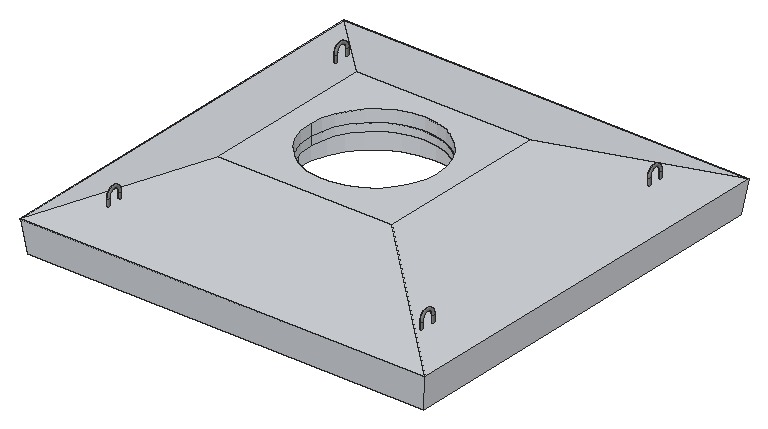
Revit family "110402-00065 Плита ПУРВ 2,0х2,0 универсальная верхняя разгрузочная", category Обобщенные модели, Revit 2019
Family settings
  Может служить основой для арматурных стержней = Нет
  Размер круглого соединителя = Использовать диаметр
  Тип детали = Нормальный
  На основе рабочей плоскости = Нет
  Всегда вертикально = Да
  При загрузке вырезать с полостями = Нет
  Общий = Нет
  Точка расчета площади = Нет
Parameters (values of type "Плита ПУРВ 2,0х2,0 универсальная верхняя разгрузочная")
  ADSK_Ширина [instance] = 2000 mm
  ADSK_Ссылка на сайт = "https://www.ssd.ru/plita-pru-2-0kh2-0-razgruzochnaya-universalnaya-v15-kkt-2"
  ADSK_Сертификат соответствия = "https://www.ssd.ru/upload/iblock/fde/sert_b15_0221.pdf"
  ADSK_Наименование = "Плита ПУРВ 2,0х2,0 универсальная верхняя разгрузочная"
  ADSK_Масса = "1670"
  ADSK_Марка = "ПУРВ 2,0х2,0"
  ADSK_Код изделия = "110402-00065"
  ADSK_Изготовитель = "АО СВЯЗЬСТРОЙДЕТАЛЬ"
  ADSK_Длина [instance] = 2000 mm
  ADSK_Высота [instance] = 160 mm
Reference planes
  plane 1 "По центру (Вперед/Назад)": y = 0
  plane 2: z = 0
  plane 3 "По центру (Влево/Вправо)": x = 0
  plane 4: x = -1000
  plane 5: x = 1000
  plane 6: y = 1000
  plane 7: y = -1000
  plane 8: z = 160
  plane 9: z = 220
  plane 10: z = 100
  plane 11: z = 120
Forms (mm)
  Extrusion 1, solid
    sketch origin (0, 0, 0) x (1, 0, 0) y (0, 1, 0)
      loop
        line (-1000, 1000) -> (-1000, -1000) -> (1000, -1000) -> (1000, 1000) -> (-1000, 1000)
    from 0 to 160
  Blend 2, solid
    base sketch origin (0, 0, 0) x (1, 0, 0) y (0, 1, 0)
      loop
        line (-1000, 1000) -> (-1000, -1000) -> (1000, -1000) -> (1000, 1000) -> (-1000, 1000)
    top sketch origin (0, 0, 0) x (1, 0, 0) y (0, 1, 0)
      loop
        line (-640, 630) -> (-640, -230) -> (220, -230) -> (220, 630) -> (-640, 630)
    from 160 to 220
  Extrusion 3, void
    sketch origin (0, 0, 0) x (0, 1, 0) y (0, 0, 1)
      loop
        line (1000, 0) -> (1000, 160) -> (980, 0) -> (1000, 0)
    from -1000 to 1000
  Extrusion 4, void
    sketch origin (0, 0, 0) x (0, -1, 0) y (0, 0, -1)
      loop
        line (1000, 0) -> (980, 0) -> (1000, -160) -> (1000, 0)
    from -1000 to 1000
  Extrusion 5, void
    sketch origin (0, 0, 0) x (1, 0, 0) y (0, 0, 1)
      loop
        line (1000, 0) -> (1000, 160) -> (980, 0) -> (1000, 0)
    from -1000 to 1000
  Extrusion 6, void
    sketch origin (0, 0, 0) x (-1, 0, 0) y (0, 0, -1)
      loop
        line (1000, 0) -> (980, 0) -> (1000, -160) -> (1000, 0)
    from -1000 to 1000
  Extrusion 7, void
    sketch origin (0, 0, 0) x (1, 0, 0) y (0, 1, 0)
      loop
        circle (-210, 200) r 380
    from 0 to 100
  Blend 8, void
    base sketch origin (0, 0, 0) x (1, 0, 0) y (0, 1, 0)
      loop
        circle (-210, 200) r 380
    top sketch origin (0, 0, 0) x (1, 0, 0) y (0, 1, 0)
      loop
        circle (-210, 200) r 315
    from 100 to 120
  Extrusion 9, void
    sketch origin (0, 0, 0) x (1, 0, 0) y (0, 1, 0)
      loop
        circle (-210, 200) r 315
    from 120 to 220
  Sweep 10, solid, material "ж/б", detail levels fine
    path origin (0, 124.275, -19.734) x (0, 1, 0) y (0, 0, 1)
      loop
        line (613.725, 220) -> (613.725, 255)
        arc (613.725, 255) -> (578.725, 290) -> (543.725, 255) r 35
        line (543.725, 255) -> (543.725, 220)
    profile origin (0, 738, 217.766) x (0, -1, 0) y (1, 0, 0)
      loop
        circle (0, -775) r 6
  Sweep 11, solid, material "ж/б", detail levels fine
    path origin (0, 124.275, -19.734) x (0, 1, 0) y (0, 0, -1)
      loop
        line (613.725, -220) -> (613.725, -255)
        arc (613.725, -255) -> (578.725, -290) -> (543.725, -255) r 35
        line (543.725, -255) -> (543.725, -220)
    profile origin (0, 738, 217.766) x (0, 1, 0) y (-1, 0, 0)
      loop
        circle (0, -775) r 6
  Sweep 12, solid, material "ж/б", detail levels fine
    path origin (0, -124.275, -40) x (0, -1, 0) y (0, 0, 1)
      loop
        line (613.725, 220) -> (613.725, 255)
        arc (613.725, 255) -> (578.725, 290) -> (543.725, 255) r 35
        line (543.725, 255) -> (543.725, 220)
    profile origin (0, -738, 197.5) x (0, 1, 0) y (-1, 0, 0)
      loop
        circle (0, -775) r 6
  Sweep 13, solid, material "ж/б", detail levels fine
    path origin (0, -124.275, -40) x (0, -1, 0) y (0, 0, -1)
      loop
        line (613.725, -220) -> (613.725, -255)
        arc (613.725, -255) -> (578.725, -290) -> (543.725, -255) r 35
        line (543.725, -255) -> (543.725, -220)
    profile origin (0, -738, 197.5) x (0, -1, 0) y (1, 0, 0)
      loop
        circle (0, -775) r 6
Cuts and joins
  Extrusion 3, Extrusion 4, Extrusion 5, Extrusion 6, Extrusion 7, Blend 8, Extrusion 9 cuts Extrusion 1
  Extrusion 7, Blend 8, Extrusion 9 cuts Blend 2
Dimensions and locks
  "ADSK_Ширина": plane 4 to plane 5
  equal spacing: plane 4, plane 3 "По центру (Влево/Вправо)", plane 5
  "ADSK_Длина": plane 6 to plane 7
  equal spacing: plane 6, plane 1 "По центру (Вперед/Назад)", plane 7
  "ADSK_Высота": plane 8 to level
  plane 9 to level = 220 mm
  level to plane 10 = 100 mm
  level to plane 9 = 220 mm
  aligned and locked: level to plane 2
  aligned and locked: plane 6 to Extrusion 1
  aligned and locked: plane 5 to Extrusion 1
  aligned and locked: Extrusion 1 to plane 7
  aligned and locked: Extrusion 1 to plane 4
  aligned and locked: plane 8 to Extrusion 1
  aligned and locked: Blend 2 to Extrusion 1
  aligned and locked: plane 9 to Blend 2
  aligned and locked: Extrusion 3 to plane 4
  aligned and locked: plane 5 to Extrusion 3
  aligned and locked: plane 5 to Extrusion 4
  aligned and locked: Extrusion 4 to plane 4
  aligned and locked: plane 6 to Extrusion 6
  aligned and locked: Extrusion 6 to plane 7
  aligned and locked: Extrusion 5 to plane 7
  aligned and locked: plane 6 to Extrusion 5
Automatic sketch dimensions
  Extrusion 1 sketch curve to plane 4 = 0 mm
  Extrusion 1 sketch curve to plane 5 = 0 mm
  Extrusion 1 sketch curve to plane 7 = 0 mm
  Extrusion 1 sketch curve to plane 6 = 0 mm
  Blend 2 sketch curve to plane 4 = 0 mm
  Blend 2 sketch curve to plane 5 = 0 mm
  Blend 2 sketch curve to plane 7 = 0 mm
  Blend 2 sketch curve to plane 6 = 0 mm
  plane 4 to Blend 2 sketch curve = 360 mm
  plane 3 "По центру (Влево/Вправо)" to Blend 2 sketch curve = 220 mm
  plane 1 "По центру (Вперед/Назад)" to Blend 2 sketch curve = 230 mm
  Blend 2 sketch curve to plane 6 = 370 mm
  Extrusion 3 sketch curve to level = 0 mm
  Extrusion 3 sketch curve to plane 6 = 0 mm
  Extrusion 3 sketch curve to plane 8 = 0 mm
  Extrusion 3 sketch curve to plane 6 = 20 mm
  Extrusion 4 sketch curve to level = 0 mm
  Extrusion 4 sketch curve to plane 7 = 0 mm
  Extrusion 4 sketch curve to plane 8 = 0 mm
  Extrusion 4 sketch curve to plane 7 = 20 mm
  Extrusion 5 sketch curve to level = 0 mm
  Extrusion 5 sketch curve to plane 5 = 0 mm
  Extrusion 5 sketch curve to plane 8 = 0 mm
  Extrusion 5 sketch curve to Extrusion 5 sketch curve = 20 mm
  Extrusion 6 sketch curve to level = 0 mm
  Extrusion 6 sketch curve to plane 4 = 0 mm
  Extrusion 6 sketch curve to plane 8 = 0 mm
  Extrusion 6 sketch curve to Extrusion 6 sketch curve = 20 mm
  Extrusion 7 sketch curve to plane 3 "По центру (Влево/Вправо)" = 210 mm
  Extrusion 7 sketch curve to plane 1 "По центру (Вперед/Назад)" = 200 mm
  Blend 8 sketch curve to plane 3 "По центру (Влево/Вправо)" = 210 mm  (x2)
  Blend 8 sketch curve to plane 1 "По центру (Вперед/Назад)" = 200 mm  (x2)
  Extrusion 9 sketch curve to plane 3 "По центру (Влево/Вправо)" = 210 mm
  Extrusion 9 sketch curve to plane 1 "По центру (Вперед/Назад)" = 200 mm
  Sweep 10 sketch curve to plane 9 = 19.734 mm  (x2)
  plane 9 to Sweep 10 sketch curve = 15.266 mm
  Sweep 10 sketch curve to plane 6 = 332 mm
  Sweep 10 sketch curve to Sweep 10 sketch curve = 35 mm
  Sweep 10 sketch curve to profile plane = 0 mm
  Sweep 10 sketch curve to plane 3 "По центру (Влево/Вправо)" = 775 mm
  Sweep 11 sketch curve to plane 9 = 19.734 mm  (x2)
  plane 9 to Sweep 11 sketch curve = 15.266 mm
  Sweep 11 sketch curve to plane 6 = 332 mm
  Sweep 11 sketch curve to Sweep 11 sketch curve = 35 mm
  profile plane to Sweep 11 sketch curve = 0 mm
  Sweep 11 sketch curve to profile plane = 775 mm
  Sweep 12 sketch curve to plane 9 = 40 mm  (x2)
  Sweep 12 sketch curve to plane 9 = 5 mm
  plane 7 to Sweep 12 sketch curve = 332 mm
  Sweep 12 sketch curve to Sweep 12 sketch curve = 35 mm
  profile plane to Sweep 12 sketch curve = 0 mm
  Sweep 12 sketch curve to profile plane = 775 mm
  Sweep 13 sketch curve to plane 9 = 40 mm  (x2)
  Sweep 13 sketch curve to plane 9 = 5 mm
  plane 7 to Sweep 13 sketch curve = 332 mm
  Sweep 13 sketch curve to Sweep 13 sketch curve = 35 mm
  Sweep 13 sketch curve to profile plane = 0 mm
  Sweep 13 sketch curve to profile plane = 775 mm
  radius of Extrusion 7 sketch curve = 380 mm
  radius of Blend 8 sketch curve = 380 mm
  radius of Blend 8 sketch curve = 315 mm
  radius of Extrusion 9 sketch curve = 315 mm
  radius of Sweep 10 sketch curve = 6 mm
  radius of Sweep 11 sketch curve = 6 mm
  radius of Sweep 12 sketch curve = 6 mm
  radius of Sweep 13 sketch curve = 6 mm
